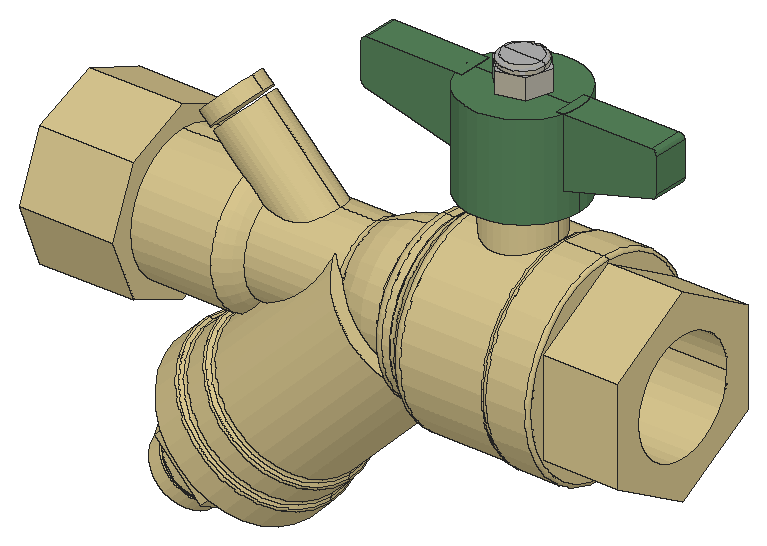
Revit family "QD36370000", category Apparecchi idraulici, Revit 2020
Family settings
  Quota connettore circolare = Usa diametro
  Tipo di parte = Normale
  Numero OmniClass = 23.45.00.00
  Titolo OmniClass = Sanitary, Laundry, and Cleaning Equipment
  Basato su piano di lavoro = No
  Sempre verticale = Sì
  Taglio con vuoti quando caricato = No
  Condiviso = No
  Punto di calcolo locali = No
Parameters
  URL = "https://web.cimberio.it/index.php/figura/1697?subcategoria_id=89"
  Temperatura di esercizio = "-20 ÷ 90°C"
  Prospetto di default = 0 mm
  Produttore = "CIMBERIO SPA"
  Pressione nominale = "PN 20"
  Modello = "Cim 625CRNL/1"
  Materiale = "Prodotto in lega di ottone conforme alla norma EN 12165-CW511L-DW nelle misure fino a 1\"1/4 e in lega di ottone conforme alla norma EN 1982-CC752S low lead nelle misure da 1\"1/2 a 2\""
  Descrizione = "Utilizzato nei più svariati settori dell'impiantistica: reti di distribuzione acqua potabile, impianti di riscaldamento, condizionamento, igienico-sanitari e in generale con ogni fluido non corrosivo"
  DN Model [instance] = QD36371032 : QD36371032
  DN [instance] = 32 mm
  Commenti sul tipo = "Realizzato in ottemperanza ai requisiti gestionali della norma EN ISO 9001.\r\nCollaudato al 100% secondo la normativa EN 12266-1"
Reference planes
  plane 1 "Centro (Fronte/Retro)": y = 0
  plane 2: z = 0
  plane 3 "Centro (Sinistra/Destra)": x = 0
Dimensions and locks
  aligned and locked: level to plane 2
Nested families
  nested 1: "QD36371032" at (0, 0, 0), type <- "DN Model", type "QD36371032"
    with DN 10 mm
  nested 2: "QD36371032" at (0, 0, 0), type <- "DN Model", type "QD36371032"
    with DN 10 mm
  nested 3: "QD36371032" at (0, 0, 0), type <- "DN Model", type "QD36371032"
    with DN 10 mm
  nested 4: "QD36371032" at (0, 0, 0), type <- "DN Model", type "QD36371032"
    with DN 10 mm
  nested 5: "QD36371032" at (0, 0, 0), type <- "DN Model", type "QD36371032"
    with DN 10 mm
  nested 6: "QD36371032" at (0, 0, 0), type <- "DN Model", type "QD36371032"
    with DN 10 mm
  nested 7: "QD36371032" at (0, 0, 0), type <- "DN Model", type "QD36371032"
    with DN 10 mm
  nested 8: "QD36371032" at (0, 0, 0), type <- "DN Model", type "QD36371032"
    with DN 10 mm
  nested 9: "QD36371032" at (0, 0, 0), type <- "DN Model", type "QD36371032"
    with DN 10 mm
  nested 10: "QD36371032" at (0, 0, 0), type <- "DN Model", type "QD36371032"
    with DN 10 mm
  nested 11: "QD36371032" at (0, 0, 0), type <- "DN Model", type "QD36371032"
    with DN 10 mm
  nested 12: "QD36371032" at (0, 0, 0), type <- "DN Model", type "QD36371032"
    with DN 10 mm
Connectors
  piping at (45.923, 0, 0), diameter 32, driven by "DN"
    settings: on nested 1, index 1, connector inside diameter 609.6 mm, connector length 0 mm, flow factor 0, pipe flow 0.0 L/s, pressure drop 0.0 Pa, fitting loss kfactor 0, connector angle 0.00°, fixture units 0, engagement length 0 mm, angle of deflection 0.00°, flow configuration 0, flow direction 0, fitting loss method 0, system type 7, joint type 0, gender type 0, connector reference index -1, connector utility 0, adjustable connector no, is connector primary yes, connector description ""
  piping at (-124.5, 0, 0), diameter 32, driven by "DN"
    settings: on nested 1, index 2, connector inside diameter 609.6 mm, connector length 0 mm, flow factor 0, pipe flow 0.0 L/s, pressure drop 0.0 Pa, fitting loss kfactor 0, connector angle 0.00°, fixture units 0, engagement length 0 mm, angle of deflection 0.00°, flow configuration 0, flow direction 0, fitting loss method 0, system type 7, joint type 0, gender type 0, connector reference index -1, connector utility 0, adjustable connector no, is connector primary no, connector description ""
Definition of nested family "QD36371032"
  Parameters (values of type "QD36371032")
    Default Elevation = 0 mm
    DN [instance] = 10 mm  # constant formula
  Reference planes
    plane 1 "Centro (Fronte/Retro)": y = 0
    plane 2: z = 0
    plane 3 "Centro (Sinistra/Destra)": x = 0
  Forms (mm)
    Revolve 1, solid
      sketch origin (0, 0, 20.284) x (1, 0, 0) y (0, 0, 1)
        loop
          line (0, 52.016) -> (0, 50.016) -> (6.323, 50.016) -> (6.323, 51.016)
          arc (6.323, 51.016) -> (6.03, 51.723) -> (5.323, 52.016) r 1
          line (5.323, 52.016) -> (0, 52.016)
        axis (0, 52.016) -> (0, 50.016)
      angle from 0 to 360
    Revolve 2, solid
      sketch origin (0, 0, 0) x (1, 0, 0) y (0, 0, 1)
        loop
          arc (23.35, -28.5) -> (24.057, -28.207) -> (24.35, -27.5) r 1
          line (24.35, -27.5) -> (24.35, -16) -> (-19.536, -16) -> (-19.536, -23.5)
          arc (-19.536, -23.5) -> (-18.579, -23.69) -> (-17.768, -24.232) r 2.5
          line (-17.768, -24.232) -> (-15.129, -26.871)
          arc (-15.129, -26.871) -> (-14.155, -27.522) -> (-13.007, -27.75) r 3
          line (-13.007, -27.75) -> (10.198, -27.75)
          arc (10.198, -27.75) -> (10.728, -27.847) -> (11.19, -28.125) r 1.5
          arc (11.19, -28.125) -> (11.652, -28.403) -> (12.182, -28.5) r 1.5
          line (12.182, -28.5) -> (23.35, -28.5)
        axis (24.35, 0) -> (-19.536, 0)
      angle from 0 to 360
    Revolve 3, solid
      sketch origin (0, 0, 0) x (1, 0, 0) y (0, 0, 1)
        loop
          line (-19.536, 23.5) -> (-21.751, 23.5)
          arc (-21.751, 23.5) -> (-23.759, 22.729) -> (-24.736, 20.812) r 3.001
          arc (-24.736, 20.812) -> (-25.386, 19.527) -> (-26.726, 19) r 2.024
          arc (-26.726, 19) -> (-33.933, 17.935) -> (-40.592, 14.982) r 26.995
          arc (-40.592, 14.982) -> (-41.376, 14.632) -> (-42.223, 14.5) r 3.243
          line (-42.223, 14.5) -> (-68.686, 14.5)
          arc (-68.686, 14.5) -> (-71.302, 17.084) -> (-74.44, 19) r 15.943
          line (-74.44, 19) -> (-97.652, 19) -> (-97.652, 12) -> (-19.536, 12) -> (-19.536, 23.5)
        axis (-97.652, 0) -> (-19.536, 0)
      angle from 0 to 360
    Extrusion 4, solid
      sketch origin (-11, 0, 0) x (0, 0, 1) y (0, 1, 0)
        loop
          circle (0, 0) r 16
        loop
          line (25, 0) -> (17.678, 17.678) -> (0, 25) -> (-17.678, 17.678) -> (-25, 0) -> (-17.678, -17.678) -> (0, -25) -> (17.678, -17.678) -> (25, 0)
      from 86.652 to 113.5
    Extrusion 5, solid
      sketch origin (66.912, 0, 0) x (0, 0, 1) y (0, 1, 0)
        loop
          circle (0, 0) r 16
        loop
          line (27, 0) -> (13.5, 23.383) -> (-13.5, 23.383) -> (-27, 0) -> (-13.5, -23.383) -> (13.5, -23.383) -> (27, 0)
      from 20.989 to 42.562
    Revolve 6, solid
      sketch origin (0, 0, 4.062) x (1, 0, 0) y (0, 0, 1)
        loop
          line (0, 43.264) -> (0, 20.384) -> (10.25, 20.384) -> (10.25, 43.264) -> (0, 43.264)
        axis (0, 43.264) -> (0, 20.384)
      angle from 0 to 360
    Extrusion 7, solid
      sketch origin (0, 0, 4.062) x (1, 0, 0) y (0, 0, 1)
        loop
          line (-8.5, 38.245) -> (-16, 38.245) -> (-16, 10.666) -> (-8.5, 10.666) -> (-8.5, 38.245)
      from -1.851 to 0
    Revolve 8, solid
      sketch origin (0, 0, 0) x (1, 0, 0) y (0, 0, 1)
        loop
          line (-79.781, 29.781) -> (-56.605, 6.605) -> (-50.595, 12.616) -> (-73.77, 35.791) -> (-79.781, 29.781)
        axis (-79.781, 29.781) -> (-56.605, 6.605)
      angle from 0 to 360
    Revolve 9, solid
      sketch origin (0, 0, 0) x (1, 0, 0) y (0, 0, 1)
        loop
          line (-78.912, -50.912) -> (-61.234, -68.589) -> (-55.469, -62.824)
          arc (-55.469, -62.824) -> (-55.242, -62.474) -> (-55.176, -62.061) r 1.005
          line (-55.176, -62.061) -> (-55.176, -61.032)
          arc (-55.176, -61.032) -> (-55.062, -60.458) -> (-54.737, -59.971) r 1.5
          line (-54.737, -59.971) -> (-50.166, -55.4)
          arc (-50.166, -55.4) -> (-49.946, -55.067) -> (-49.873, -54.675) r 1.001
          line (-49.873, -54.675) -> (-49.873, -53.607)
          arc (-49.873, -53.607) -> (-49.759, -53.033) -> (-49.434, -52.546) r 1.5
          line (-49.434, -52.546) -> (-16.248, -19.361) -> (-31.804, -3.804) -> (-78.912, -50.912)
        axis (-78.912, -50.912) -> (-31.804, -3.804)
      angle from 0 to 360
    Extrusion 10, solid
      sketch origin (-78.912, 0, -50.912) x (0, 1, 0) y (0.707107, 0, -0.707107)
        loop
          line (0, -18.95) -> (16.411, -9.475) -> (16.411, 9.475) -> (0, 18.95) -> (-16.411, 9.475) -> (-16.411, -9.475) -> (0, -18.95)
      from 0 to 10
    Revolve 11, solid
      sketch origin (0, 0, 0) x (1, 0, 0) y (0, 0, 1)
        loop
          line (-93.054, -65.054) -> (-86.336, -71.771)
          arc (-86.336, -71.771) -> (-85.638, -72.064) -> (-84.934, -71.784) r 1
          line (-84.934, -71.784) -> (-79.154, -66.201)
          arc (-79.154, -66.201) -> (-78.45, -65.921) -> (-77.752, -66.214) r 1
          line (-77.752, -66.214) -> (-85.983, -57.983) -> (-93.054, -65.054)
        axis (-93.054, -65.054) -> (-85.983, -57.983)
      angle from 0 to 360
    Extrusion 12, solid
      sketch origin (-79.781, 0, 29.781) x (0.707107, 0, 0.707107) y (0, 1, 0)
        loop
          circle (0, 0) r 8.5
      from 1.116 to 5.5
    Revolve 13, solid
      sketch origin (0, 0, 0) x (1, 0, 0) y (0, 0, 1)
        loop
          line (0, 44.3) -> (1.673, 44.3) -> (1.673, 37.3) -> (16.228, 37.3) -> (16.228, 64.3) -> (0, 64.3) -> (0, 44.3)
        axis (0, 64.3) -> (0, 37.3)
      angle from 0 to 360
    Extrusion 14, solid
      sketch origin (0, 0, 0) x (1, 0, 0) y (0, 0, 1)
        loop
          line (-13.645, 44.534) -> (-13.645, 64.3) -> (-40.927, 64.3)
          arc (-40.927, 64.3) -> (-41.988, 63.861) -> (-42.427, 62.8) r 1.5
          line (-42.427, 62.8) -> (-42.427, 52.951)
          arc (-42.427, 52.951) -> (-42.117, 52.038) -> (-41.315, 51.502) r 1.5
          line (-41.315, 51.502) -> (-15.31, 44.534) -> (-13.645, 44.534)
        loop
          line (13.645, 44.534) -> (15.31, 44.534) -> (41.315, 51.502)
          arc (41.315, 51.502) -> (42.117, 52.038) -> (42.427, 52.951) r 1.5
          line (42.427, 52.951) -> (42.427, 62.8)
          arc (42.427, 62.8) -> (41.988, 63.861) -> (40.927, 64.3) r 1.5
          line (40.927, 64.3) -> (13.645, 64.3) -> (13.645, 44.534)
      from -5.014 to 4.986
    Extrusion 15, solid
      sketch origin (0, 0, 28.55) x (1, 0, 0) y (0, 1, 0)
        loop
          line (7.319, 1.69) -> (2.196, 7.183) -> (-5.123, 5.494) -> (-7.319, -1.69) -> (-2.196, -7.183) -> (5.123, -5.494) -> (7.319, 1.69)
      from 35.75 to 41.75
    Extrusion 16, solid
      sketch origin (-92.343, 0, -64.173) x (-0.707107, 0, 0.707107) y (0, 1, 0)
        loop
          circle (0, 0) r 10.5
      from 1.116 to 5.5
  Dimensions and locks
    aligned and locked: level to plane 2
